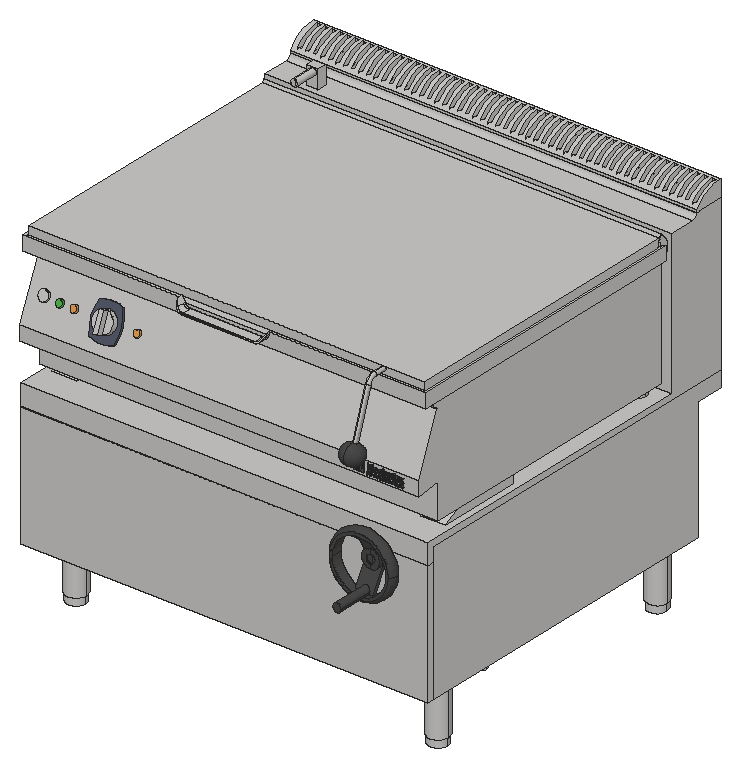
Revit family "QF_ELECTROLUXPROFESSIONAL_391285_E9BRGJDP40", category Specialty Equipment, Revit 2018
Family settings
  Round Connector Dimension = Use Diameter
  Part Type = Normal
  Work Plane-Based = No
  Always vertical = Yes
  Cut with Voids When Loaded = No
  Shared = No
  Room Calculation Point = No
Parameters (values of type "Standard")
  Weight = 180.00 kg
  Watts = 0 W
  Volts = 220 V
  URL Manufacturer = "https://www.electroluxprofessional.com/"
  URL = "https://www.electroluxprofessional.com/"
  Steam Supply Size = 0"
  Steam Supply Minimum Pressure = 0.00 psi
  Steam Supply Maximum Pressure = 0.00 psi
  Steam Pounds per Hour = 0
  Show Logo [instance] = yes
  Show Clearance [instance] = yes
  Refrigeration Suction Line Size = 0 mm
  Refrigeration Liquid Line Size = 0 mm
  Refrigerant Compressor Remote = yes
  Phase = 1
  Model = "E9BRGJDP40"
  Manufacturer = "Electrolux Professional"
  Length Actual = 1000 mm  # constant formula
  Item Number = "391285"
  Hot Water Size = 0"
  Height Actual = 850 mm  # constant formula
  HP = "0.1 HP"
  Gas Size = 1/2"
  Gas KW = 27
  Gas Input Pressure = 0.805176 Btu/h
  Direct Waste Size = 0"
  Description = "100LT GAS BRATT PAN DUOMAT BOTTOM-60HZ"
  Depth Actual = 930 mm  # constant formula
  Cycle = 60 Hz
  Condensate Return Size = 0"
  Compressed Air Volume = 0 GPM
  Compressed Air Size = 0"
  Compressed Air Pressure = 0.00 psi
  Cold Water Size = 3/4"
  Assembly Code = ""
  Accessory = yes
Reference planes
  plane 1 "BACK": y = 0
  plane 2: z = 0
  plane 3 "LEFT": x = 0
  plane 4 "RIGHT": x = 1000
  plane 5 "FRONT": y = -915
  plane 6 "TOP": z = 908
  plane 7 "Center Y": x = 500
  plane 8 "Center X": y = -457.5
  plane 9 "Base": z = 149
  plane 10: z = 502.193
  plane 11: z = 1653
  plane 12: y = -125
  plane 13: y = -799
  plane 14: y = -1034
  plane 15: x = 55
  plane 16: y = -160.853
  plane 17: x = 945
  plane 18: y = -1014
  plane 19: y = -899.182
  plane 20: x = 986
  plane 21: z = 850
  plane 22 "Connection": z = 182
  plane 23: y = -706
  plane 24: x = 265
  plane 25: x = 105
  plane 26: x = 195
  plane 27 "FUME": z = 866.248
Forms (mm)
  Revolve 1, solid, material "QF_Finishes_Stainless Steel"
    sketch origin (0, -125, 0) x (1, 0, 0) y (0, 0, 1)
      loop
        line (55, 0) -> (55, 149) -> (29.6, 149) -> (29.6, 19.05) -> (32.1, 19.05) -> (32.1, 0) -> (55, 0)
      axis (55, 0) -> (55, 149)
    angle from 0 to 360
  Revolve 2, solid, material "QF_Finishes_Stainless Steel"
    sketch origin (0, -799, 0) x (1, 0, 0) y (0, 0, 1)
      loop
        line (55, 0) -> (55, 149) -> (29.6, 149) -> (29.6, 19.05) -> (32.1, 19.05) -> (32.1, 0) -> (55, 0)
      axis (55, 0) -> (55, 149)
    angle from 0 to 360
  Extrusion 3, solid, material "QF_Finishes_Stainless Steel"
    sketch origin (0, -214.682, 0) x (0, 1, 0) y (0, 0, 1)
      loop
        line (214.682, 487.193) -> (214.682, 866.248) -> (143.055, 866.248)
        arc (143.055, 866.248) -> (139.432, 857.502) -> (130.686, 853.88) r 12.368
        line (130.686, 853.88) -> (64.682, 853.88) -> (64.682, 502.193) -> (-684.5, 502.193) -> (-684.5, 452.193) -> (-669.5, 452.193) -> (-669.5, 487.193) -> (214.682, 487.193)
      loop
        line (-669.5, 149) -> (-669.5, 451.193) -> (-684.5, 451.193) -> (-684.5, 149) -> (-669.5, 149)
    from 0 to 1000
  Extrusion 4, solid, material "QF_Finishes_Stainless Steel"
    sketch origin (0, -214.682, 0) x (0, 1, 0) y (0, 0, 1)
      loop
        line (44.029, 528.406) -> (44.029, 817.127) -> (-678.5, 817.127) -> (-678.5, 809.681) -> (-643.264, 774.446) -> (-700.318, 641.094) -> (-700.318, 606.094) -> (-640.765, 613.406) -> (-640.765, 528.406) -> (44.029, 528.406)
    from 10 to 990
  Sweep 5, solid, material "QF_Finishes_Stainless Steel"
    path origin (0, -204.882, 145) x (-1, 0, 0) y (0, -1, 0)
      loop
        line (-389.998, 694.3) -> (-5, 694.3) -> (-5, -44.029) -> (-995, -44.029) -> (-995, 694.3) -> (-610.002, 694.3)
    profile origin (802.501, -899.182, 145) x (0, -1, 0) y (0, 0, 1)
      loop
        line (-5, 651.359) -> (0, 651.359) -> (0, 685.301) -> (-6, 685.301) -> (-6, 681.062) -> (-5, 681.062) -> (-5, 651.359)
  Extrusion 6, solid, material "QF_Finishes_Stainless Steel"
    sketch origin (0, -214.682, -5) x (0, 1, 0) y (0, 0, 1)
      loop
        line (33.715, 835.301) -> (42.572, 855) -> (-677.138, 855) -> (-677.138, 835.301) -> (33.715, 835.301)
      loop
        arc (64.305, 837.022) -> (57.071, 850.749) -> (45.92, 861.539) r 49.182
        line (45.92, 861.539) -> (39.069, 846.301) -> (45.904, 846.301) -> (45.904, 832.604) -> (64.305, 814.204) -> (64.305, 837.022)
    from 12.363 to 987.637
  Extrusion 7, solid, material "QF_Finishes_Stainless Steel"
    sketch origin (0, -214.682, 0) x (0, 1, 0) y (0, 0, 1)
      loop
        line (-403.818, 528.406) -> (-556.057, 528.406) -> (-609.801, 502.193) -> (-403.818, 502.193) -> (-403.818, 528.406)
    from 16.63 to 76.513
  Extrusion 8, solid, material "QF_Finishes_Stainless Steel"
    sketch origin (0, -207.182, 150) x (-1, 0, 0) y (0, -1, 0)
      loop
        circle (-953.429, -17.496) r 15
      loop
        circle (-46.571, -17.496) r 15
    from 352.193 to 378.406
  Extrusion 9, solid, material "QF_Finishes_Stainless Steel"
    sketch origin (0, -64.682, 0) x (0, 1, 0) y (0, 0, 1)
      loop
        line (-43.387, 853.88) -> (-43.387, 898) -> (-67.444, 898) -> (-67.444, 853.88) -> (-43.387, 853.88)
    from 87.469 to 116.843
  Revolve 10, solid, material "QF_Finishes_Stainless Steel"
    sketch origin (103.25, -64.682, -10) x (0, 1, 0) y (0, 0, 1)
      loop
        line (-67.444, 898.097) -> (-67.444, 906.222) -> (-123.629, 906.222) -> (-123.629, 898.097) -> (-67.444, 898.097)
      axis (-123.629, 898.097) -> (-67.444, 898.097)
    angle from 0 to 360
  Extrusion 11, solid, material "QF_Clearances", visible <- "Show Clearance", detail levels coarse
    sketch origin (0, -214.682, 0) x (1, 0, 0) y (0, 1, 0)
      loop
        line (1000, 214.682) -> (1000, -700.318) -> (1050, -700.318) -> (1050, 264.682) -> (-50, 264.682) -> (-50, -700.318) -> (0, -700.318) -> (0, 214.682) -> (1000, 214.682)
    from 0 to 908
  Extrusion 12, solid, material "QF_Finishes_Stainless Steel"
    sketch origin (1000, 0, 0) x (0, 1, 0) y (0, 0, 1)
      loop
        line (-884.182, 149) -> (-69, 149) -> (-69, 448) -> (0, 448) -> (0, 487.193) -> (-884.182, 487.193) -> (-884.182, 149)
    from 0 to -1000
  Revolve 13, solid, material "QF_Finishes_Stainless Steel"
    sketch origin (1000, -125, 0) x (-1, 0, 0) y (0, 0, -1)
      loop
        line (55, 0) -> (32.1, 0) -> (32.1, -19.05) -> (29.6, -19.05) -> (29.6, -149) -> (55, -149) -> (55, 0)
      axis (55, 0) -> (55, -149)
    angle from 0 to 360
  Revolve 14, solid, material "QF_Finishes_Stainless Steel"
    sketch origin (1000, -799, 0) x (-1, 0, 0) y (0, 0, -1)
      loop
        line (55, 0) -> (32.1, 0) -> (32.1, -19.05) -> (29.6, -19.05) -> (29.6, -149) -> (55, -149) -> (55, 0)
      axis (55, 0) -> (55, -149)
    angle from 0 to 360
  Extrusion 15, solid, material "QF_Finishes_Stainless Steel"
    sketch origin (1000, -69, 149) x (-1, 0, 0) y (0, 1, 0)
      loop
        circle (14, -649.182) r 12.7
    from 0 to 5
  Extrusion 16, solid, material "QF_Finishes_Stainless Steel"
    sketch origin (-3.75, -899.182, 149) x (0, 0, 1) y (-1, 0, 0)
      loop
        circle (289.443, -888.75) r 30
    from 0 to 5
  Extrusion 17, solid, material "QF_Finishes_Stainless Steel"
    sketch origin (0, 0, 182) x (-1, 0, 0) y (0, -1, 0)
      loop
        circle (-105, 706) r 6.35
    from 0 to 45
  Extrusion 18, solid, material "QF_Finishes_Stainless Steel"
    sketch origin (21.213, 21.213, 182) x (-1, 0, 0) y (0, -1, 0)
      loop
        circle (-173.787, 719.213) r 6.35
    from 0 to 45
  Extrusion 19, solid, material "QF_Finishes_Stainless Steel"
    sketch origin (130, 0, 182) x (-1, 0, 0) y (0, -1, 0)
      loop
        circle (-135, 706) r 6.35
    from 0 to 45
  Sweep 20, solid, material "QF_Finishes_Black"
    path origin (10, -200.682, -28.57) x (1, 0, 0) y (0, 0, 1)
      loop
        circle (875, 467.193) r 80
    profile origin (885, -200.682, 518.623) x (0, 0, -1) y (0, -1, 0)
      loop
        arc (7.394, 765.784) -> (0.586, 756.102) -> (1.641, 744.313) r 17.21
        line (1.641, 744.313) -> (7.394, 740.784) -> (14.116, 740.784) -> (14.116, 765.784) -> (7.394, 765.784)
  Extrusion 21, solid, material "QF_Finishes_Black"
    sketch origin (10, -200.682, -28.57) x (1, 0, 0) y (0, 0, 1)
      loop
        circle (875, 406.31) r 10
    from 742.86 to 833.318
  Extrusion 22, solid, material "QF_Finishes_Orange"
    sketch origin (9.372, -901.482, 672.689) x (0, 0.393353, 0.919387) y (-1, 0, 0)
      loop
        circle (34.513, -113.251) r 8
    from 0 to 3.175
  Extrusion 23, solid, material "QF_Finishes_Green"
    sketch origin (14.068, -901.51, 672.624) x (0, 0.393353, 0.919387) y (-1, 0, 0)
      loop
        circle (34.513, -73.251) r 8
    from 0 to 3.175
  Extrusion 24, solid, material "QF_Finishes_Stainless Steel"
    sketch origin (-159.296, -918.156, 641.79) x (0, 0.393353, 0.919387) y (-1, 0, 0)
      loop
        circle (68.826, -362.213) r 25.4
    from 0 to 12.7
  Extrusion 25, solid, material "QF_Finishes_Stainless Steel"
    sketch origin (-159.296, -929.832, 646.786) x (0, 0.393353, 0.919387) y (-1, 0, 0)
      loop
        arc (93.558, -367.999) -> (94.226, -362.213) -> (93.558, -356.427) r 25.4
        line (93.558, -356.427) -> (44.094, -356.427)
        arc (44.094, -356.427) -> (43.426, -362.213) -> (44.094, -367.999) r 25.4
        line (44.094, -367.999) -> (93.558, -367.999)
    from 0 to 12.7
  Extrusion 26, solid, material "QF_Finishes_Stainless Steel"
    sketch origin (-189.063, -915, 641.094) x (0, 0.393353, 0.919387) y (-1, 0, 0)
      loop
        circle (71.473, -236.635) r 12.7
    from 0 to 3.2
  Extrusion 27, solid, material "QF_Finishes_Orange"
    sketch origin (164.372, -901.482, 672.689) x (0, 0.393353, 0.919387) y (-1, 0, 0)
      loop
        circle (34.513, -113.251) r 8
    from 0 to 3.175
  Extrusion 28, solid, material "QF_Finishes_Stainless Steel"
    sketch origin (50, -201.682, -15.905) x (1, 0, 0) y (0, 0, 1)
      loop
        line (361.528, 822.127) -> (538.476, 822.127)
        arc (538.476, 822.127) -> (548.276, 824.753) -> (555.45, 831.927) r 19.6
        line (555.45, 831.927) -> (559.998, 839.805) -> (559.998, 846.205) -> (552.678, 833.527)
        arc (552.678, 833.527) -> (546.676, 827.524) -> (538.476, 825.327) r 16.4
        line (538.476, 825.327) -> (361.528, 825.327)
        arc (361.528, 825.327) -> (353.322, 827.526) -> (347.314, 833.534) r 16.413
        line (347.314, 833.534) -> (339.998, 846.205) -> (339.998, 839.805) -> (344.543, 831.934)
        arc (344.543, 831.934) -> (351.722, 824.755) -> (361.528, 822.127) r 19.613
    from 697.5 to 717.595
  Extrusion 29, void
    sketch origin (950, 188.397, 1219.2) x (0, -1, 0) y (0, 0, 1)
      loop
        line (1110.167, -415.736) -> (1110.167, -387.945) -> (1093.05, -387.945) -> (1110.167, -415.736)
    from 290.004 to 610
  Extrusion 30, solid, material "QF_Finishes_Stainless Steel"
    sketch origin (1000, -214.682, 0) x (0, 1, 0) y (0, 0, -1)
      loop
        line (-403.818, -528.406) -> (-403.818, -502.193) -> (-609.801, -502.193) -> (-556.057, -528.406) -> (-403.818, -528.406)
    from 16.63 to 76.513
  Sweep 31, solid, material "QF_Finishes_Stainless Steel"
    path origin (208.879, -214.682, -10) x (0, 1, 0) y (0, 0, 1)
      loop
        line (-677.138, 852.831) -> (-705.492, 852.831)
        arc (-705.492, 852.831) -> (-716.963, 849.214) -> (-724.286, 839.672) r 20
        line (-724.286, 839.672) -> (-765.322, 726.924)
    profile origin (208.879, -905.997, 842.831) x (0, 0, -1) y (1, 0, 0)
      loop
        circle (0, 676.16) r 5
  Revolve 32, solid, material "QF_Finishes_Black"
    sketch origin (883.789, -200.682, -28.57) x (0, 1, 0) y (0, 0, 1)
      loop
        line (-698.5, 467.193) -> (-698.5, 477.193) -> (-713.5, 477.193) -> (-713.5, 482.193) -> (-718.5, 482.193) -> (-718.5, 489.514) -> (-728.5, 489.514) -> (-728.5, 478.353) -> (-727.138, 478.353) -> (-727.138, 467.193) -> (-698.5, 467.193)
      axis (-698.5, 467.193) -> (-728.5, 467.193)
    angle from 0 to 360
  Extrusion 33, solid, material "QF_Finishes_Black"
    sketch origin (208.789, -200.682, -28.57) x (0, 1, 0) y (0, 0, 1)
      loop
        line (-713.5, 457.193) -> (-713.5, 477.193) -> (-744.313, 533.065) -> (-751.622, 533.065) -> (-719.104, 474.103) -> (-719.104, 460.284) -> (-751.622, 401.321) -> (-744.313, 401.321) -> (-713.5, 457.193)
    from 654.029 to 698.392
  Revolve 34, solid, material "QF_Finishes_Black"
    sketch origin (884.991, -194.682, 0) x (0, 1, 0) y (0, 0, 1)
      loop
        line (-785.322, 716.924) -> (-792.738, 719.623)
        arc (-792.738, 719.623) -> (-818.978, 701.075) -> (-800.713, 674.638) r 22.845
        line (-800.713, 674.638) -> (-785.322, 716.924)
      axis (-785.322, 716.924) -> (-800.713, 674.638)
    angle from 0 to 360
  Extrusion 35, solid, material "QF_Clearances", visible <- "Show Clearance", detail levels coarse
    sketch origin (200, -996.643, 709.193) x (0, 0.238373, -0.971174) y (0, 0.971174, 0.238373)
      loop
        line (33.715, 835.301) -> (42.572, 855) -> (-677.138, 855) -> (-677.138, 835.301) -> (33.715, 835.301)
      loop
        arc (64.305, 837.022) -> (57.071, 850.749) -> (45.92, 861.539) r 49.182
        line (45.92, 861.539) -> (39.069, 846.301) -> (45.904, 846.301) -> (45.904, 832.604) -> (64.305, 814.204) -> (64.305, 837.022)
    from -187.637 to 787.637
  Sweep 36, solid, material "QF_Clearances", visible <- "Show Clearance", detail levels coarse
    path origin (208.84, -1001.499, 708.002) x (0, 0.238373, -0.971174) y (0, 0.971174, 0.238373)
      loop
        line (-677.138, 852.831) -> (-705.492, 852.831)
        arc (-705.492, 852.831) -> (-716.963, 849.214) -> (-724.286, 839.672) r 20
        line (-724.286, 839.672) -> (-765.322, 726.924)
    profile origin (208.84, -338.043, 1582.68) x (0, -0.971174, -0.238373) y (1, 0, 0)
      loop
        circle (0, 676.16) r 5
  Revolve 37, solid, material "QF_Clearances", visible <- "Show Clearance", detail levels coarse
    sketch origin (885, -987.02, 690.962) x (0, 0.238373, -0.971174) y (0, 0.971174, 0.238373)
      loop
        line (-785.322, 716.924) -> (-792.738, 719.623)
        arc (-792.738, 719.623) -> (-818.978, 701.075) -> (-800.713, 674.638) r 22.845
        line (-800.713, 674.638) -> (-785.322, 716.924)
      axis (-785.322, 716.924) -> (-800.713, 674.638)
    angle from 0 to 360
  Extrusion 38, solid, material "QF_Finishes_Navy Blue"
    sketch origin (-55.546, -1052.067, 320.727) x (0, 0.393353, 0.919387) y (-1, 0, 0)
      loop
        arc (453.989, -230.321) -> (416.907, -221.34) -> (379.375, -228.202) r 91.844
        arc (379.375, -228.202) -> (372.249, -258.844) -> (379.375, -289.487) r 69.441
        arc (379.375, -289.487) -> (416.897, -296.198) -> (453.989, -287.419) r 93.759
        arc (453.989, -287.419) -> (460.218, -258.87) -> (453.989, -230.321) r 68.543
    from 0 to 3.175
  Extrusion 39, solid, material "QF_Finishes_Navy Blue", visible <- "Show Logo"
    sketch origin (681.175, -915, 608.853) x (0, 0, 1) y (-1, 0, 0)
      loop
        line (26.951, -165.54) -> (5.387, -165.54)
        arc (5.387, -165.54) -> (16.169, -173.512) -> (26.951, -165.54) r 11.278
      loop
        arc (26.951, -164.444) -> (24.913, -155.475) -> (16.794, -151.154) r 11.052
        line (16.794, -151.154) -> (16.794, -154.722)
        arc (16.794, -154.722) -> (19.381, -161.095) -> (25.39, -164.444) r 10.359
        line (25.39, -164.444) -> (26.951, -164.444)
      loop
        arc (6.948, -164.444) -> (12.957, -161.095) -> (15.544, -154.722) r 10.359
        line (15.544, -154.722) -> (15.544, -151.154)
        arc (15.544, -151.154) -> (7.358, -155.468) -> (5.11, -164.444) r 11.341
        line (5.11, -164.444) -> (6.948, -164.444)
      loop
        line (28.128, -150.336) -> (4.161, -150.336) -> (4.161, -174.336) -> (28.128, -174.336) -> (28.128, -150.336)
      loop
        spline (16.361, -188.464) -> (16.369, -188.263) -> (16.397, -188.049) -> (16.447, -187.828) -> (16.523, -187.605) -> (16.628, -187.386) -> (16.766, -187.177) -> (16.939, -186.985) -> (17.152, -186.814) -> (17.407, -186.671) -> (17.709, -186.562) -> (18.059, -186.492) -> (18.462, -186.467)
        line (18.462, -186.467) -> (20.251, -186.467) -> (20.251, -192.37) -> (22.531, -192.37) -> (22.531, -186.466) -> (25.85, -186.466) -> (25.85, -192.746) -> (28.124, -192.746) -> (28.124, -184.05) -> (18.566, -184.05)
        spline (18.566, -184.05) -> (17.978, -184.071) -> (17.424, -184.137) -> (16.905, -184.248) -> (16.424, -184.406) -> (15.983, -184.612) -> (15.583, -184.866) -> (15.226, -185.171) -> (14.914, -185.528) -> (14.649, -185.937) -> (14.434, -186.401) -> (14.269, -186.919) -> (14.157, -187.495)
        line (14.157, -187.495) -> (14.089, -188.444) -> (14.089, -192.915) -> (16.361, -192.915) -> (16.361, -188.464)
      loop
        line (21.492, -194.632) -> (14.086, -194.632) -> (14.086, -197.049) -> (28.128, -197.049) -> (28.128, -194.632) -> (21.492, -194.632)
      loop
        spline (18.571, -208.979) -> (19.331, -208.995) -> (20.067, -208.922) -> (20.77, -208.763) -> (21.436, -208.522) -> (22.055, -208.2) -> (22.623, -207.802) -> (23.132, -207.331) -> (23.576, -206.789) -> (23.947, -206.18) -> (24.24, -205.507) -> (24.447, -204.772) -> (24.561, -203.98)
        spline (24.561, -203.98) -> (24.517, -203.228) -> (24.388, -202.513) -> (24.178, -201.84) -> (23.889, -201.216) -> (23.524, -200.646) -> (23.088, -200.134) -> (22.582, -199.687) -> (22.011, -199.309) -> (21.378, -199.005) -> (20.686, -198.782) -> (19.937, -198.644) -> (19.137, -198.597)
        spline (19.137, -198.597) -> (18.356, -198.643) -> (17.626, -198.777) -> (16.949, -198.995) -> (16.331, -199.293) -> (15.772, -199.666) -> (15.278, -200.111) -> (14.851, -200.623) -> (14.494, -201.198) -> (14.211, -201.832) -> (14.005, -202.519) -> (13.878, -203.257) -> (13.836, -204.041)
        spline (13.836, -204.041) -> (13.845, -204.424) -> (13.874, -204.802) -> (13.924, -205.175) -> (13.997, -205.545) -> (14.096, -205.909) -> (14.223, -206.27) -> (14.378, -206.625) -> (14.564, -206.976) -> (14.783, -207.322) -> (15.037, -207.664) -> (15.328, -208) -> (15.657, -208.331)
        line (15.657, -208.331) -> (17.073, -206.874)
        spline (17.073, -206.874) -> (16.889, -206.682) -> (16.719, -206.489) -> (16.566, -206.293) -> (16.427, -206.093) -> (16.305, -205.887) -> (16.198, -205.673) -> (16.108, -205.449) -> (16.033, -205.213) -> (15.975, -204.965) -> (15.933, -204.701) -> (15.908, -204.421) -> (15.9, -204.122)
        spline (15.9, -204.122) -> (15.921, -203.685) -> (15.985, -203.275) -> (16.089, -202.893) -> (16.233, -202.542) -> (16.413, -202.224) -> (16.628, -201.939) -> (16.878, -201.691) -> (17.159, -201.479) -> (17.471, -201.308) -> (17.811, -201.177) -> (18.178, -201.089) -> (18.571, -201.046)
        line (18.571, -201.046) -> (18.571, -208.979)
      loop
        spline (20.271, -206.55) -> (20.57, -206.527) -> (20.857, -206.458) -> (21.131, -206.348) -> (21.387, -206.199) -> (21.624, -206.014) -> (21.839, -205.797) -> (22.028, -205.55) -> (22.189, -205.276) -> (22.32, -204.98) -> (22.416, -204.663) -> (22.476, -204.329) -> (22.497, -203.98)
        spline (22.497, -203.98) -> (22.476, -203.607) -> (22.417, -203.248) -> (22.322, -202.905) -> (22.194, -202.584) -> (22.034, -202.285) -> (21.847, -202.013) -> (21.633, -201.77) -> (21.396, -201.56) -> (21.139, -201.385) -> (20.864, -201.25) -> (20.574, -201.156) -> (20.271, -201.107)
        line (20.271, -201.107) -> (20.271, -206.55)
      loop
        spline (19.198, -212.675) -> (19.648, -212.703) -> (20.074, -212.784) -> (20.475, -212.915) -> (20.846, -213.093) -> (21.184, -213.314) -> (21.487, -213.576) -> (21.752, -213.875) -> (21.976, -214.207) -> (22.155, -214.571) -> (22.286, -214.961) -> (22.368, -215.376) -> (22.395, -215.812)
        spline (22.395, -215.812) -> (22.387, -216.079) -> (22.362, -216.336) -> (22.321, -216.581) -> (22.264, -216.816) -> (22.192, -217.042) -> (22.105, -217.259) -> (22.002, -217.467) -> (21.886, -217.668) -> (21.755, -217.861) -> (21.611, -218.047) -> (21.453, -218.228) -> (21.283, -218.402)
        line (21.283, -218.402) -> (22.841, -219.9)
        spline (22.841, -219.9) -> (23.139, -219.602) -> (23.407, -219.295) -> (23.645, -218.979) -> (23.855, -218.656) -> (24.037, -218.324) -> (24.192, -217.985) -> (24.32, -217.639) -> (24.424, -217.286) -> (24.503, -216.926) -> (24.558, -216.56) -> (24.591, -216.189) -> (24.601, -215.812)
        spline (24.601, -215.812) -> (24.555, -215.057) -> (24.418, -214.333) -> (24.195, -213.648) -> (23.893, -213.008) -> (23.516, -212.418) -> (23.068, -211.886) -> (22.556, -211.419) -> (21.984, -211.021) -> (21.357, -210.701) -> (20.681, -210.465) -> (19.959, -210.318) -> (19.198, -210.268)
        spline (19.198, -210.268) -> (18.437, -210.318) -> (17.716, -210.465) -> (17.039, -210.701) -> (16.412, -211.021) -> (15.84, -211.419) -> (15.328, -211.886) -> (14.881, -212.418) -> (14.503, -213.008) -> (14.201, -213.648) -> (13.979, -214.333) -> (13.842, -215.057) -> (13.795, -215.812)
        spline (13.795, -215.812) -> (13.806, -216.189) -> (13.838, -216.56) -> (13.894, -216.926) -> (13.973, -217.286) -> (14.076, -217.639) -> (14.205, -217.985) -> (14.36, -218.324) -> (14.542, -218.656) -> (14.751, -218.979) -> (14.99, -219.295) -> (15.257, -219.602) -> (15.556, -219.9)
        line (15.556, -219.9) -> (17.114, -218.402)
        spline (17.114, -218.402) -> (16.943, -218.228) -> (16.786, -218.047) -> (16.641, -217.861) -> (16.511, -217.668) -> (16.394, -217.467) -> (16.292, -217.259) -> (16.204, -217.042) -> (16.132, -216.816) -> (16.075, -216.581) -> (16.034, -216.336) -> (16.009, -216.079) -> (16.001, -215.812)
        spline (16.001, -215.812) -> (16.029, -215.376) -> (16.11, -214.961) -> (16.242, -214.571) -> (16.421, -214.207) -> (16.644, -213.875) -> (16.909, -213.576) -> (17.212, -213.314) -> (17.551, -213.093) -> (17.922, -212.915) -> (18.322, -212.784) -> (18.748, -212.703) -> (19.198, -212.675)
      loop
        spline (16.358, -226.063) -> (16.354, -225.85) -> (16.37, -225.622) -> (16.41, -225.384) -> (16.477, -225.143) -> (16.575, -224.905) -> (16.708, -224.675) -> (16.88, -224.461) -> (17.095, -224.267) -> (17.357, -224.1) -> (17.669, -223.965) -> (18.036, -223.87) -> (18.462, -223.819)
        line (18.462, -223.819) -> (22.044, -223.819) -> (22.044, -226.018) -> (24.24, -226.018) -> (24.24, -223.822) -> (28.128, -223.822) -> (28.128, -221.405) -> (18.325, -221.405)
        spline (18.325, -221.405) -> (17.756, -221.457) -> (17.221, -221.55) -> (16.722, -221.687) -> (16.26, -221.867) -> (15.838, -222.093) -> (15.456, -222.365) -> (15.118, -222.685) -> (14.824, -223.053) -> (14.577, -223.471) -> (14.378, -223.94) -> (14.229, -224.46) -> (14.132, -225.034)
        line (14.132, -225.034) -> (14.086, -226.054) -> (16.358, -226.063)
      loop
        spline (24.381, -234.197) -> (24.407, -233.778) -> (24.399, -233.376) -> (24.36, -232.99) -> (24.289, -232.622) -> (24.188, -232.273) -> (24.058, -231.943) -> (23.901, -231.635) -> (23.716, -231.349) -> (23.505, -231.087) -> (23.27, -230.849) -> (23.011, -230.636) -> (22.73, -230.45)
        line (22.73, -230.45) -> (24.24, -230.45) -> (24.24, -228.052) -> (14.086, -228.052) -> (14.086, -230.45) -> (19.425, -230.45)
        spline (19.425, -230.45) -> (19.83, -230.472) -> (20.207, -230.537) -> (20.555, -230.643) -> (20.873, -230.788) -> (21.159, -230.972) -> (21.412, -231.192) -> (21.63, -231.448) -> (21.811, -231.736) -> (21.955, -232.056) -> (22.059, -232.406) -> (22.123, -232.784) -> (22.145, -233.189)
        line (22.145, -233.189) -> (22.044, -234.197) -> (24.381, -234.197)
      loop
        spline (19.163, -245.648) -> (19.908, -245.597) -> (20.618, -245.45) -> (21.287, -245.212) -> (21.909, -244.892) -> (22.48, -244.494) -> (22.993, -244.026) -> (23.443, -243.494) -> (23.823, -242.904) -> (24.129, -242.265) -> (24.354, -241.581) -> (24.494, -240.86) -> (24.542, -240.108)
        spline (24.542, -240.108) -> (24.494, -239.351) -> (24.354, -238.627) -> (24.129, -237.941) -> (23.823, -237.301) -> (23.443, -236.712) -> (22.993, -236.181) -> (22.48, -235.714) -> (21.909, -235.318) -> (21.287, -234.999) -> (20.618, -234.763) -> (19.908, -234.617) -> (19.163, -234.567)
        spline (19.163, -234.567) -> (18.418, -234.617) -> (17.708, -234.763) -> (17.039, -234.999) -> (16.417, -235.318) -> (15.846, -235.714) -> (15.333, -236.181) -> (14.883, -236.712) -> (14.502, -237.301) -> (14.197, -237.941) -> (13.971, -238.627) -> (13.831, -239.351) -> (13.784, -240.108)
        spline (13.784, -240.108) -> (13.831, -240.86) -> (13.971, -241.581) -> (14.197, -242.265) -> (14.502, -242.904) -> (14.883, -243.494) -> (15.333, -244.026) -> (15.846, -244.494) -> (16.417, -244.892) -> (17.039, -245.212) -> (17.708, -245.45) -> (18.418, -245.597) -> (19.163, -245.648)
      loop
        spline (19.163, -243.25) -> (19.602, -243.222) -> (20.021, -243.14) -> (20.417, -243.008) -> (20.785, -242.829) -> (21.123, -242.606) -> (21.427, -242.344) -> (21.693, -242.044) -> (21.919, -241.71) -> (22.101, -241.347) -> (22.235, -240.956) -> (22.318, -240.542) -> (22.346, -240.108)
        spline (22.346, -240.108) -> (22.318, -239.669) -> (22.235, -239.252) -> (22.101, -238.86) -> (21.919, -238.496) -> (21.693, -238.163) -> (21.427, -237.864) -> (21.123, -237.602) -> (20.785, -237.381) -> (20.417, -237.204) -> (20.021, -237.073) -> (19.602, -236.993) -> (19.163, -236.965)
        spline (19.163, -236.965) -> (18.723, -236.993) -> (18.304, -237.073) -> (17.909, -237.204) -> (17.541, -237.381) -> (17.203, -237.602) -> (16.899, -237.864) -> (16.632, -238.163) -> (16.406, -238.496) -> (16.225, -238.86) -> (16.091, -239.252) -> (16.008, -239.669) -> (15.979, -240.108)
        spline (15.979, -240.108) -> (16.008, -240.542) -> (16.091, -240.956) -> (16.225, -241.347) -> (16.406, -241.71) -> (16.632, -242.044) -> (16.899, -242.344) -> (17.203, -242.606) -> (17.541, -242.829) -> (17.909, -243.008) -> (18.304, -243.14) -> (18.723, -243.222) -> (19.163, -243.25)
      loop
        line (21.735, -247.134) -> (14.086, -247.134) -> (14.086, -249.553) -> (28.128, -249.553) -> (28.128, -247.134) -> (21.735, -247.134)
      loop
        line (24.24, -258.272) -> (18.337, -258.272)
        spline (18.337, -258.272) -> (17.953, -258.252) -> (17.607, -258.196) -> (17.298, -258.104) -> (17.025, -257.979) -> (16.788, -257.824) -> (16.584, -257.639) -> (16.415, -257.429) -> (16.277, -257.194) -> (16.172, -256.937) -> (16.098, -256.66) -> (16.054, -256.365) -> (16.04, -256.055)
        spline (16.04, -256.055) -> (16.054, -255.745) -> (16.098, -255.45) -> (16.172, -255.173) -> (16.277, -254.916) -> (16.413, -254.682) -> (16.582, -254.471) -> (16.784, -254.287) -> (17.019, -254.132) -> (17.29, -254.007) -> (17.595, -253.915) -> (17.937, -253.859) -> (18.316, -253.839)
        line (18.316, -253.839) -> (24.24, -253.839) -> (24.24, -251.401) -> (18.115, -251.401)
        spline (18.115, -251.401) -> (17.421, -251.445) -> (16.79, -251.57) -> (16.22, -251.771) -> (15.713, -252.043) -> (15.267, -252.379) -> (14.881, -252.774) -> (14.556, -253.221) -> (14.292, -253.715) -> (14.086, -254.249) -> (13.94, -254.818) -> (13.853, -255.415) -> (13.824, -256.035)
        spline (13.824, -256.035) -> (13.853, -256.661) -> (13.942, -257.263) -> (14.09, -257.836) -> (14.298, -258.375) -> (14.567, -258.873) -> (14.896, -259.324) -> (15.287, -259.722) -> (15.74, -260.061) -> (16.254, -260.335) -> (16.832, -260.538) -> (17.472, -260.665) -> (18.176, -260.708)
        line (18.176, -260.708) -> (24.24, -260.708) -> (24.24, -258.272)
      loop
        line (17.333, -269.856) -> (19.465, -268.331) -> (22.037, -270.219) -> (24.239, -271.836) -> (24.239, -269.197) -> (21.197, -267) -> (24.239, -264.785) -> (24.239, -262.166) -> (22.185, -263.668) -> (19.445, -265.671) -> (16.52, -263.571) -> (14.086, -261.823) -> (14.086, -264.422) -> (17.672, -267) -> (14.086, -269.579) -> (14.086, -272.178) -> (17.333, -269.856)
      loop
        line (9.015, -185.409) -> (9.015, -183.539) -> (4.161, -183.539) -> (4.161, -184.537) -> (5.806, -184.537) -> (5.806, -185.409)
        arc (5.806, -185.409) -> (7.41, -187.014) -> (9.015, -185.409) r 1.605
      loop
        arc (6.731, -185.476) -> (7.41, -186.056) -> (8.089, -185.476) r 0.687
        line (8.089, -185.476) -> (8.089, -184.537) -> (6.731, -184.537) -> (6.731, -185.476)
      loop
        line (9.015, -193.025) -> (9.015, -191.122) -> (4.161, -191.122) -> (4.161, -192.12) -> (5.833, -192.12) -> (5.833, -192.986) -> (4.161, -193.838) -> (4.161, -194.971) -> (6.078, -193.806)
        arc (6.078, -193.806) -> (6.645, -194.415) -> (7.45, -194.627) r 1.499
        arc (7.45, -194.627) -> (8.559, -194.145) -> (9.015, -193.025) r 1.602
      loop
        line (8.097, -193.005) -> (8.097, -192.12) -> (6.743, -192.12) -> (6.743, -193.005)
        arc (6.743, -193.005) -> (7.42, -193.556) -> (8.097, -193.005) r 0.691
      loop
        circle (6.588, -201.168) r 2.521
      loop
        circle (6.588, -201.168) r 1.6
      loop
        line (9.015, -207.864) -> (4.161, -207.864) -> (4.161, -208.862) -> (6.156, -208.862) -> (6.156, -210.689) -> (7.073, -210.689) -> (7.073, -208.862) -> (8.098, -208.862) -> (8.098, -210.864) -> (9.015, -210.864) -> (9.015, -207.864)
      loop
        line (9.015, -214.982) -> (5.735, -214.982)
        arc (5.735, -214.982) -> (4.623, -215.429) -> (4.161, -216.535) r 1.554
        line (4.161, -216.535) -> (4.161, -218.103) -> (5.078, -218.103) -> (5.078, -216.944)
        arc (5.078, -216.944) -> (5.427, -216.196) -> (6.223, -215.98) r 0.979
        line (6.223, -215.98) -> (6.223, -217.921) -> (7.141, -217.921) -> (7.141, -215.98) -> (8.098, -215.98) -> (8.098, -218.056) -> (9.015, -218.056) -> (9.015, -214.982)
      loop
        line (7.742, -224.632) -> (8.234, -225.349)
        arc (8.234, -225.349) -> (8.882, -224.684) -> (9.095, -223.78) r 1.738
        arc (9.095, -223.78) -> (8.894, -222.994) -> (8.386, -222.36) r 1.926
        arc (8.386, -222.36) -> (7.749, -222.275) -> (7.12, -222.404) r 1.936
        arc (7.12, -222.404) -> (6.653, -222.836) -> (6.356, -223.4) r 1.881
        arc (6.356, -223.4) -> (6.185, -223.835) -> (5.972, -224.252) r 4.917
        arc (5.972, -224.252) -> (5.357, -224.498) -> (4.996, -223.943) r 0.523
        arc (4.996, -223.943) -> (5.232, -223.24) -> (5.739, -222.7) r 1.738
        line (5.739, -222.7) -> (5.26, -221.938)
        arc (5.26, -221.938) -> (4.761, -222.24) -> (4.38, -222.681) r 1.867
        arc (4.38, -222.681) -> (4.141, -223.241) -> (4.08, -223.846) r 2.013
        arc (4.08, -223.846) -> (4.229, -224.594) -> (4.587, -225.268) r 2.629
        arc (4.587, -225.268) -> (5.379, -225.566) -> (6.211, -225.413) r 1.579
        arc (6.211, -225.413) -> (6.594, -225.08) -> (6.872, -224.656) r 1.83
        arc (6.872, -224.656) -> (7.111, -224.119) -> (7.318, -223.568) r 9.64
        arc (7.318, -223.568) -> (7.812, -223.25) -> (8.179, -223.71) r 0.439
        arc (8.179, -223.71) -> (8.066, -224.221) -> (7.742, -224.632) r 1.168
      loop
        line (9.015, -237.028) -> (4.161, -237.028) -> (4.161, -238.027) -> (9.015, -238.027) -> (9.015, -237.028)
      loop
        circle (6.588, -244.756) r 1.51
      loop
        circle (6.588, -244.756) r 2.521
      loop
        line (4.161, -251.452) -> (4.161, -252.461) -> (7.213, -252.461) -> (4.161, -254.682) -> (4.161, -255.652) -> (9.015, -255.652) -> (9.015, -254.644) -> (5.87, -254.644) -> (9.015, -252.423) -> (9.015, -251.452) -> (4.161, -251.452)
      loop
        line (4.161, -260.684) -> (5.208, -261.157) -> (5.208, -262.953) -> (4.161, -263.425) -> (4.161, -264.498) -> (9.015, -262.025) -> (4.161, -259.613) -> (4.161, -260.684)
      loop
        line (7.2, -262.055) -> (6.204, -261.605) -> (6.204, -262.505) -> (7.2, -262.055)
      loop
        line (5.078, -269.456) -> (9.015, -269.456) -> (9.015, -268.457) -> (4.161, -268.457) -> (4.161, -271.322) -> (5.078, -271.322) -> (5.078, -269.456)
      loop
        line (7.742, -231.965) -> (8.234, -232.682)
        arc (8.234, -232.682) -> (8.882, -232.017) -> (9.095, -231.114) r 1.738
        arc (9.095, -231.114) -> (8.894, -230.327) -> (8.386, -229.693) r 1.926
        arc (8.386, -229.693) -> (7.749, -229.609) -> (7.12, -229.737) r 1.936
        arc (7.12, -229.737) -> (6.653, -230.169) -> (6.356, -230.733) r 1.881
        arc (6.356, -230.733) -> (6.185, -231.168) -> (5.972, -231.586) r 4.917
        arc (5.972, -231.586) -> (5.357, -231.831) -> (4.996, -231.276) r 0.523
        arc (4.996, -231.276) -> (5.232, -230.573) -> (5.739, -230.033) r 1.738
        line (5.739, -230.033) -> (5.26, -229.271)
        arc (5.26, -229.271) -> (4.761, -229.573) -> (4.38, -230.015) r 1.867
        arc (4.38, -230.015) -> (4.141, -230.574) -> (4.08, -231.179) r 2.013
        arc (4.08, -231.179) -> (4.229, -231.928) -> (4.587, -232.602) r 2.629
        arc (4.587, -232.602) -> (5.379, -232.899) -> (6.211, -232.746) r 1.579
        arc (6.211, -232.746) -> (6.594, -232.414) -> (6.872, -231.989) r 1.83
        arc (6.872, -231.989) -> (7.111, -231.452) -> (7.318, -230.901) r 9.64
        arc (7.318, -230.901) -> (7.812, -230.583) -> (8.179, -231.043) r 0.439
        arc (8.179, -231.043) -> (8.066, -231.554) -> (7.742, -231.965) r 1.168
    from 0 to 1.644
  Extrusion 40, solid, material "QF_Finishes_Stainless Steel"
    sketch origin (390.002, -899.182, 830.301) x (-1, 0, 0) y (0, 0, -1)
      loop
        line (0.004, 33.941) -> (-220, 33.941) -> (-220, -0.006) -> (-212.677, 12.678)
        arc (-212.677, 12.678) -> (-206.674, 18.681) -> (-198.474, 20.878) r 16.4
        line (-198.474, 20.878) -> (-21.526, 20.878)
        arc (-21.526, 20.878) -> (-13.32, 18.679) -> (-7.312, 12.672) r 16.413
        line (-7.312, 12.672) -> (0.004, 0) -> (0.004, 33.941)
    from 0 to -6
  Extrusion 41, void
    sketch origin (26.231, 0, 866.248) x (-1, 0, 0) y (0, -1, 0)
      loop
        line (-295.005, 6.761) -> (-285.709, 6.761) -> (-285.709, 63.911) -> (-295.005, 63.911) -> (-295.005, 6.761)
      loop
        line (-313.697, 6.761) -> (-304.401, 6.761) -> (-304.401, 63.911) -> (-313.697, 63.911) -> (-313.697, 6.761)
      loop
        line (-332.39, 6.761) -> (-323.094, 6.761) -> (-323.094, 63.911) -> (-332.39, 63.911) -> (-332.39, 6.761)
      loop
        line (-351.082, 6.761) -> (-341.787, 6.761) -> (-341.787, 63.911) -> (-351.082, 63.911) -> (-351.082, 6.761)
      loop
        line (-369.775, 6.761) -> (-360.479, 6.761) -> (-360.479, 63.911) -> (-369.775, 63.911) -> (-369.775, 6.761)
      loop
        line (-388.468, 6.761) -> (-379.172, 6.761) -> (-379.172, 63.911) -> (-388.468, 63.911) -> (-388.468, 6.761)
      loop
        line (-407.16, 6.761) -> (-397.864, 6.761) -> (-397.864, 63.911) -> (-407.16, 63.911) -> (-407.16, 6.761)
      loop
        line (-425.853, 6.761) -> (-416.557, 6.761) -> (-416.557, 63.911) -> (-425.853, 63.911) -> (-425.853, 6.761)
      loop
        line (-444.545, 6.761) -> (-435.25, 6.761) -> (-435.25, 63.911) -> (-444.545, 63.911) -> (-444.545, 6.761)
      loop
        line (-463.238, 6.761) -> (-453.942, 6.761) -> (-453.942, 63.911) -> (-463.238, 63.911) -> (-463.238, 6.761)
      loop
        line (-481.931, 6.761) -> (-472.635, 6.761) -> (-472.635, 63.911) -> (-481.931, 63.911) -> (-481.931, 6.761)
      loop
        line (-500.623, 6.761) -> (-491.328, 6.761) -> (-491.328, 63.911) -> (-500.623, 63.911) -> (-500.623, 6.761)
      loop
        line (-519.316, 6.761) -> (-510.02, 6.761) -> (-510.02, 63.911) -> (-519.316, 63.911) -> (-519.316, 6.761)
      loop
        line (-538.008, 6.761) -> (-528.713, 6.761) -> (-528.713, 63.911) -> (-538.008, 63.911) -> (-538.008, 6.761)
      loop
        line (-556.701, 6.761) -> (-547.405, 6.761) -> (-547.405, 63.911) -> (-556.701, 63.911) -> (-556.701, 6.761)
      loop
        line (-575.394, 6.761) -> (-566.098, 6.761) -> (-566.098, 63.911) -> (-575.394, 63.911) -> (-575.394, 6.761)
      loop
        line (-594.086, 6.761) -> (-584.791, 6.761) -> (-584.791, 63.911) -> (-594.086, 63.911) -> (-594.086, 6.761)
      loop
        line (-612.779, 6.761) -> (-603.483, 6.761) -> (-603.483, 63.911) -> (-612.779, 63.911) -> (-612.779, 6.761)
      loop
        line (-631.472, 6.761) -> (-622.176, 6.761) -> (-622.176, 63.911) -> (-631.472, 63.911) -> (-631.472, 6.761)
      loop
        line (-650.164, 6.761) -> (-640.868, 6.761) -> (-640.868, 63.911) -> (-650.164, 63.911) -> (-650.164, 6.761)
      loop
        line (-126.771, 6.761) -> (-117.475, 6.761) -> (-117.475, 63.911) -> (-126.771, 63.911) -> (-126.771, 6.761)
      loop
        line (-145.464, 6.761) -> (-136.168, 6.761) -> (-136.168, 63.911) -> (-145.464, 63.911) -> (-145.464, 6.761)
      loop
        line (-164.156, 6.761) -> (-154.861, 6.761) -> (-154.861, 63.911) -> (-164.156, 63.911) -> (-164.156, 6.761)
      loop
        line (-182.849, 6.761) -> (-173.553, 6.761) -> (-173.553, 63.911) -> (-182.849, 63.911) -> (-182.849, 6.761)
      loop
        line (-201.542, 6.761) -> (-192.246, 6.761) -> (-192.246, 63.911) -> (-201.542, 63.911) -> (-201.542, 6.761)
      loop
        line (-220.234, 6.761) -> (-210.938, 6.761) -> (-210.938, 63.911) -> (-220.234, 63.911) -> (-220.234, 6.761)
      loop
        line (-238.927, 6.761) -> (-229.631, 6.761) -> (-229.631, 63.911) -> (-238.927, 63.911) -> (-238.927, 6.761)
      loop
        line (-257.619, 6.761) -> (-248.324, 6.761) -> (-248.324, 63.911) -> (-257.619, 63.911) -> (-257.619, 6.761)
      loop
        line (-276.312, 6.761) -> (-267.016, 6.761) -> (-267.016, 63.911) -> (-276.312, 63.911) -> (-276.312, 6.761)
      loop
        line (-108.078, 6.761) -> (-98.783, 6.761) -> (-98.783, 63.911) -> (-108.078, 63.911) -> (-108.078, 6.761)
      loop
        line (4.077, 6.761) -> (13.373, 6.761) -> (13.373, 63.911) -> (4.077, 63.911) -> (4.077, 6.761)
      loop
        line (-14.615, 6.761) -> (-5.32, 6.761) -> (-5.32, 63.911) -> (-14.615, 63.911) -> (-14.615, 6.761)
      loop
        line (-33.308, 6.761) -> (-24.012, 6.761) -> (-24.012, 63.911) -> (-33.308, 63.911) -> (-33.308, 6.761)
      loop
        line (-52.001, 6.761) -> (-42.705, 6.761) -> (-42.705, 63.911) -> (-52.001, 63.911) -> (-52.001, 6.761)
      loop
        line (-70.693, 6.761) -> (-61.398, 6.761) -> (-61.398, 63.911) -> (-70.693, 63.911) -> (-70.693, 6.761)
      loop
        line (-89.386, 6.761) -> (-80.09, 6.761) -> (-80.09, 63.911) -> (-89.386, 63.911) -> (-89.386, 6.761)
      loop
        line (-668.857, 6.761) -> (-659.561, 6.761) -> (-659.561, 63.911) -> (-668.857, 63.911) -> (-668.857, 6.761)
      loop
        line (-687.549, 6.761) -> (-678.254, 6.761) -> (-678.254, 63.911) -> (-687.549, 63.911) -> (-687.549, 6.761)
      loop
        line (-706.242, 6.761) -> (-696.946, 6.761) -> (-696.946, 63.911) -> (-706.242, 63.911) -> (-706.242, 6.761)
      loop
        line (-724.935, 6.761) -> (-715.639, 6.761) -> (-715.639, 63.911) -> (-724.935, 63.911) -> (-724.935, 6.761)
      loop
        line (-743.627, 6.761) -> (-734.331, 6.761) -> (-734.331, 63.911) -> (-743.627, 63.911) -> (-743.627, 6.761)
      loop
        line (-751.616, 6.761) -> (-751.616, 63.911) -> (-760.912, 63.911) -> (-760.912, 6.761) -> (-751.616, 6.761)
      loop
        line (-779.604, 6.761) -> (-770.309, 6.761) -> (-770.309, 63.911) -> (-779.604, 63.911) -> (-779.604, 6.761)
      loop
        line (-798.297, 6.761) -> (-789.001, 6.761) -> (-789.001, 63.911) -> (-798.297, 63.911) -> (-798.297, 6.761)
      loop
        line (-816.99, 6.761) -> (-807.694, 6.761) -> (-807.694, 63.911) -> (-816.99, 63.911) -> (-816.99, 6.761)
      loop
        line (-835.682, 6.761) -> (-826.387, 6.761) -> (-826.387, 63.911) -> (-835.682, 63.911) -> (-835.682, 6.761)
      loop
        line (-854.375, 6.761) -> (-845.079, 6.761) -> (-845.079, 63.911) -> (-854.375, 63.911) -> (-854.375, 6.761)
      loop
        line (-873.068, 6.761) -> (-863.772, 6.761) -> (-863.772, 63.911) -> (-873.068, 63.911) -> (-873.068, 6.761)
      loop
        line (-891.76, 6.761) -> (-882.464, 6.761) -> (-882.464, 63.911) -> (-891.76, 63.911) -> (-891.76, 6.761)
      loop
        line (-910.453, 6.761) -> (-901.157, 6.761) -> (-901.157, 63.911) -> (-910.453, 63.911) -> (-910.453, 6.761)
      loop
        line (-929.145, 6.761) -> (-919.85, 6.761) -> (-919.85, 63.911) -> (-929.145, 63.911) -> (-929.145, 6.761)
      loop
        line (-947.838, 6.761) -> (-938.542, 6.761) -> (-938.542, 63.911) -> (-947.838, 63.911) -> (-947.838, 6.761)
      loop
        line (-966.531, 6.761) -> (-957.235, 6.761) -> (-957.235, 63.911) -> (-966.531, 63.911) -> (-966.531, 6.761)
    from 9.525 to 45.348
  Extrusion 42, solid, material "QF_Finishes_Stainless Steel"
    sketch origin (-108.759, 0, 591.61) x (0, 1, 0) y (0, 0, 1)
      loop
        line (0, 274.638) -> (0, 316.35)
        arc (0, 316.35) -> (-40.437, 307.046) -> (-71.628, 279.681) r 84.854
        line (-71.628, 279.681) -> (-71.628, 274.638) -> (0, 274.638)
    from 108.759 to 1108.759
Cuts and joins
  Extrusion 29 cuts Extrusion 28
  joined: Sweep 5, Extrusion 28, Extrusion 40
  Extrusion 41 cuts Extrusion 42
Lines and regions (mm)
  symbolic lines
    curve 1: line (10, -915, 149) -> (197.131, -915, 149)
    curve 2: line (0, -899.182, 149) -> (380.622, -899.182, 149)
    curve 3: line (5, -160.853, 149) -> (5, -899.182, 149)
    curve 4: line (0, 0, 149) -> (0, -899.182, 149)
    curve 5: line (1000, -899.182, 149) -> (1000, 0, 149)
    curve 6: line (5, -160.853, 149) -> (95.125, -160.853, 149)
    curve 7: line (989, -171.653, 149) -> (111.375, -171.653, 149)
    curve 8: line (0, -71.628, 149) -> (1000, -71.628, 149)
    curve 9: line (111.375, -160.853, 149) -> (995, -160.853, 149)
    curve 10: line (95.125, -172.111, 149) -> (12.363, -172.111, 149)
    curve 11: line (90.942, -172.111, 149) -> (90.942, -192.672, 149)
    curve 12: line (117.192, -171.653, 149) -> (117.192, -192.672, 149)
    curve 13: arc (90.942, -192.672, 149) -> (104.067, -205.797, 149) -> (117.192, -192.672, 149) r 13.125
    curve 14: line (604.543, -915, 149) -> (880, -915, 149)
    curve 15: line (12.363, -891.82, 149) -> (987.637, -891.82, 149)
    curve 16: line (0, 0, 149) -> (1000, 0, 149)
    curve 20: line (880, -980.005, 149) -> (880, -891.82, 149)
    curve 21: line (890, -980.005, 149) -> (890, -891.82, 149)
    curve 22: spline (885, -987.42, 149) -> (886.603, -987.265, 149) -> (888.14, -986.808, 149) -> (889.545, -986.066, 149) -> (890.761, -985.072, 149) -> (891.737, -983.866, 149) -> (892.431, -982.499, 149) -> (892.815, -981.028, 149) -> (892.874, -979.515, 149) -> (892.604, -978.022, 149) -> (892.016, -976.611, 149) -> (891.136, -975.342, 149) -> (890, -974.268, 149)
    curve 23: spline (890, -980.005, 149) -> (889.957, -980.618, 149) -> (889.83, -981.221, 149) -> (889.619, -981.803, 149) -> (889.33, -982.354, 149) -> (888.967, -982.865, 149) -> (888.536, -983.327, 149) -> (888.044, -983.732, 149) -> (887.5, -984.074, 149) -> (886.913, -984.345, 149) -> (886.294, -984.543, 149) -> (885.653, -984.663, 149) -> (885, -984.703, 149)
    curve 24: spline (885, -984.703, 149) -> (884.347, -984.663, 149) -> (883.706, -984.543, 149) -> (883.087, -984.345, 149) -> (882.5, -984.074, 149) -> (881.956, -983.732, 149) -> (881.464, -983.327, 149) -> (881.033, -982.865, 149) -> (880.67, -982.354, 149) -> (880.381, -981.803, 149) -> (880.17, -981.221, 149) -> (880.043, -980.618, 149) -> (880, -980.005, 149)
    curve 25: spline (880, -974.268, 149) -> (878.864, -975.342, 149) -> (877.984, -976.611, 149) -> (877.396, -978.022, 149) -> (877.126, -979.515, 149) -> (877.185, -981.028, 149) -> (877.569, -982.499, 149) -> (878.263, -983.866, 149) -> (879.239, -985.072, 149) -> (880.455, -986.066, 149) -> (881.86, -986.808, 149) -> (883.397, -987.265, 149) -> (885, -987.42, 149)
    curve 26: line (95.125, -188.311, 149) -> (111.375, -188.311, 149)
    curve 27: line (95.125, -132.127, 149) -> (95.125, -188.311, 149)
    curve 28: line (111.375, -188.311, 149) -> (111.375, -132.127, 149)
    curve 29: line (87.469, -132.127, 149) -> (116.843, -132.127, 149)
    curve 30: line (87.469, -108.069, 149) -> (87.469, -132.127, 149)
    curve 31: line (116.843, -108.069, 149) -> (87.469, -108.069, 149)
    curve 32: line (116.843, -132.127, 149) -> (116.843, -108.069, 149)
    curve 33: line (0, -150, 182) -> (95.125, -150, 182)
    curve 34: line (1000, -150, 182) -> (111.375, -150, 182)
    curve 35: line (12.363, -891.82, 149) -> (12.363, -172.111, 149)
    curve 36: line (987.637, -891.82, 149) -> (987.637, -171.653, 149)
    curve 37: line (990, -915, 182) -> (990, -899.182, 182)
    curve 38: line (10, -899.182, 182) -> (10, -915, 182)
    curve 39: line (995, -160.853, 149) -> (995, -899.182, 149)
    curve 40: line (197.131, -924.708, 149) -> (197.131, -899.182, 149)
    curve 41: line (208.703, -924.708, 149) -> (208.703, -899.182, 149)
    curve 42: line (197.131, -924.708, 149) -> (208.703, -924.708, 149)
    curve 43: line (197.131, -915.021, 149) -> (180.061, -915.021, 149)
    curve 44: line (197.131, -915.021, 149) -> (25.774, -915.021, 149)
    curve 45: spline (208.703, -912.487, 182) -> (212.151, -912.066, 182) -> (215.413, -911.457, 182) -> (218.422, -910.673, 182) -> (221.118, -909.728, 182) -> (223.446, -908.643, 182) -> (225.359, -907.438, 182) -> (226.819, -906.14, 182) -> (227.796, -904.772, 182) -> (228.27, -903.365, 182) -> (228.233, -901.945, 182) -> (227.683, -900.541, 182) -> (226.634, -899.182, 182)
    curve 46: spline (225.812, -907.085, 182) -> (226.505, -906.99, 182) -> (227.196, -906.892, 182) -> (227.884, -906.792, 182) -> (228.569, -906.688, 182) -> (229.251, -906.581, 182) -> (229.93, -906.472, 182) -> (230.606, -906.36, 182) -> (231.28, -906.245, 182) -> (231.95, -906.127, 182) -> (232.617, -906.007, 182) -> (233.28, -905.884, 182) -> (233.941, -905.758, 182)
    curve 47: spline (233.941, -905.758, 182) -> (234.472, -905.225, 182) -> (234.983, -904.689, 182) -> (235.472, -904.15, 182) -> (235.94, -903.608, 182) -> (236.386, -903.063, 182) -> (236.811, -902.515, 182) -> (237.215, -901.965, 182) -> (237.596, -901.413, 182) -> (237.956, -900.858, 182) -> (238.294, -900.302, 182) -> (238.609, -899.743, 182) -> (238.903, -899.182, 182)
    curve 48: spline (197.131, -912.487, 182) -> (193.683, -912.066, 182) -> (190.421, -911.457, 182) -> (187.412, -910.673, 182) -> (184.717, -909.728, 182) -> (182.389, -908.643, 182) -> (180.475, -907.438, 182) -> (179.015, -906.14, 182) -> (178.038, -904.772, 182) -> (177.564, -903.365, 182) -> (177.602, -901.945, 182) -> (178.151, -900.541, 182) -> (179.201, -899.182, 182)
    curve 49: spline (167.58, -899.182, 182) -> (167.88, -899.743, 182) -> (168.203, -900.303, 182) -> (168.549, -900.86, 182) -> (168.917, -901.415, 182) -> (169.307, -901.967, 182) -> (169.72, -902.517, 182) -> (170.154, -903.065, 182) -> (170.611, -903.61, 182) -> (171.09, -904.151, 182) -> (171.59, -904.69, 182) -> (172.112, -905.225, 182) -> (172.656, -905.758, 182)
    curve 50: spline (172.656, -905.758, 182) -> (173.244, -905.87, 182) -> (173.834, -905.98, 182) -> (174.427, -906.088, 182) -> (175.022, -906.194, 182) -> (175.62, -906.297, 182) -> (176.22, -906.398, 182) -> (176.823, -906.498, 182) -> (177.428, -906.594, 182) -> (178.036, -906.689, 182) -> (178.645, -906.781, 182) -> (179.257, -906.871, 182) -> (179.871, -906.959, 182)
    curve 51: line (208.703, -915, 149) -> (395.45, -915, 149)
    curve 52: line (619.371, -899.182, 149) -> (880, -899.182, 149)
    curve 53: line (890, -899.182, 149) -> (1000, -899.182, 149)
    curve 54: line (890, -915, 149) -> (990, -915, 149)
    curve 55: line (895, -1034, 182) -> (895, -1012.058, 182)
    curve 56: line (875, -1034, 182) -> (875, -1012.092, 182)
    curve 57: line (875, -1034, 182) -> (895, -1034, 182)
    curve 58: line (957.606, -966.466, 182) -> (901.189, -966.466, 182)
    curve 59: line (812.394, -941.466, 182) -> (880, -941.466, 182)
    curve 60: line (806.641, -944.996, 182) -> (880, -944.996, 182)
    curve 61: arc (963.359, -944.996, 182) -> (964.431, -956.789, 182) -> (957.606, -966.466, 182) r 17.151
    curve 62: line (957.606, -941.466, 182) -> (963.359, -944.996, 182)
    curve 63: line (908.392, -915, 182) -> (908.392, -941.466, 182)
    curve 64: line (864.029, -941.466, 182) -> (864.029, -915, 182)
    curve 65: arc (806.641, -944.996, 182) -> (805.569, -956.789, 182) -> (812.394, -966.466, 182) r 17.151
    curve 66: line (812.394, -941.466, 182) -> (806.641, -944.996, 182)
    curve 67: line (890, -944.996, 182) -> (963.359, -944.996, 182)
    curve 68: line (890, -941.466, 182) -> (957.606, -941.466, 182)
    curve 69: line (812.394, -966.466, 182) -> (868.726, -966.466, 182)
    curve 70: arc (880, -961.394, 182) -> (884.914, -1014.03, 182) -> (890, -961.41, 182) r 26.552
    curve 71: line (619.371, -899.182, 182) -> (605.448, -914.035, 182)
    curve 72: spline (605.442, -914.033, 182) -> (604.902, -914.595, 182) -> (604.301, -915.14, 182) -> (603.641, -915.666, 182) -> (602.924, -916.17, 182) -> (602.153, -916.653, 182) -> (601.331, -917.111, 182) -> (600.459, -917.544, 182) -> (599.542, -917.95, 182) -> (598.582, -918.327, 182) -> (597.581, -918.675, 182) -> (596.544, -918.992, 182) -> (595.475, -919.277, 182)
    curve 73: line (404.523, -919.277, 182) -> (595.475, -919.277, 182)
    curve 74: line (394.541, -914.031, 182) -> (380.622, -899.182, 182)
    curve 75: spline (404.523, -919.277, 182) -> (403.452, -918.992, 182) -> (402.414, -918.675, 182) -> (401.413, -918.327, 182) -> (400.452, -917.949, 182) -> (399.534, -917.543, 182) -> (398.662, -917.11, 182) -> (397.838, -916.651, 182) -> (397.067, -916.168, 182) -> (396.35, -915.663, 182) -> (395.689, -915.137, 182) -> (395.087, -914.592, 182) -> (394.547, -914.029, 182)
    curve 76: line (12.858, -63.911, 0) -> (22.153, -63.911, 0)
    curve 77: line (22.153, -63.911, 0) -> (22.153, -6.761, 0)
    curve 78: line (22.153, -6.761, 0) -> (12.858, -6.761, 0)
    curve 79: line (12.858, -6.761, 0) -> (12.858, -63.911, 0)
    curve 80: line (31.55, -63.911, 0) -> (40.846, -63.911, 0)
    curve 81: line (40.846, -63.911, 0) -> (40.846, -6.761, 0)
    curve 82: line (40.846, -6.761, 0) -> (31.55, -6.761, 0)
    curve 83: line (31.55, -6.761, 0) -> (31.55, -63.911, 0)
    curve 84: line (50.243, -63.911, 0) -> (59.539, -63.911, 0)
    curve 85: line (59.539, -63.911, 0) -> (59.539, -6.761, 0)
    curve 86: line (59.539, -6.761, 0) -> (50.243, -6.761, 0)
    curve 87: line (50.243, -6.761, 0) -> (50.243, -63.911, 0)
    curve 88: line (68.935, -63.911, 0) -> (78.231, -63.911, 0)
    curve 89: line (78.231, -63.911, 0) -> (78.231, -6.761, 0)
    curve 90: line (78.231, -6.761, 0) -> (68.935, -6.761, 0)
    curve 91: line (68.935, -6.761, 0) -> (68.935, -63.911, 0)
    curve 92: line (87.628, -63.911, 0) -> (96.924, -63.911, 0)
    curve 93: line (96.924, -63.911, 0) -> (96.924, -6.761, 0)
    curve 94: line (96.924, -6.761, 0) -> (87.628, -6.761, 0)
    curve 95: line (87.628, -6.761, 0) -> (87.628, -63.911, 0)
    curve 96: line (106.321, -63.911, 0) -> (115.616, -63.911, 0)
    curve 97: line (115.616, -63.911, 0) -> (115.616, -6.761, 0)
    curve 98: line (115.616, -6.761, 0) -> (106.321, -6.761, 0)
    curve 99: line (106.321, -6.761, 0) -> (106.321, -63.911, 0)
    curve 100: line (125.013, -63.911, 0) -> (134.309, -63.911, 0)
    curve 101: line (134.309, -63.911, 0) -> (134.309, -6.761, 0)
    curve 102: line (134.309, -6.761, 0) -> (125.013, -6.761, 0)
    curve 103: line (125.013, -6.761, 0) -> (125.013, -63.911, 0)
    curve 104: line (143.706, -63.911, 0) -> (153.002, -63.911, 0)
    curve 105: line (153.002, -63.911, 0) -> (153.002, -6.761, 0)
    curve 106: line (153.002, -6.761, 0) -> (143.706, -6.761, 0)
    curve 107: line (143.706, -6.761, 0) -> (143.706, -63.911, 0)
    curve 108: line (162.398, -63.911, 0) -> (171.694, -63.911, 0)
    curve 109: line (171.694, -63.911, 0) -> (171.694, -6.761, 0)
    curve 110: line (171.694, -6.761, 0) -> (162.398, -6.761, 0)
    curve 111: line (162.398, -6.761, 0) -> (162.398, -63.911, 0)
    curve 112: line (181.091, -63.911, 0) -> (190.387, -63.911, 0)
    curve 113: line (190.387, -63.911, 0) -> (190.387, -6.761, 0)
    curve 114: line (190.387, -6.761, 0) -> (181.091, -6.761, 0)
    curve 115: line (181.091, -6.761, 0) -> (181.091, -63.911, 0)
    curve 116: line (199.784, -63.911, 0) -> (209.079, -63.911, 0)
    curve 117: line (209.079, -63.911, 0) -> (209.079, -6.761, 0)
    curve 118: line (209.079, -6.761, 0) -> (199.784, -6.761, 0)
    curve 119: line (199.784, -6.761, 0) -> (199.784, -63.911, 0)
    curve 120: line (218.476, -63.911, 0) -> (227.772, -63.911, 0)
    curve 121: line (227.772, -63.911, 0) -> (227.772, -6.761, 0)
    curve 122: line (227.772, -6.761, 0) -> (218.476, -6.761, 0)
    curve 123: line (218.476, -6.761, 0) -> (218.476, -63.911, 0)
    curve 124: line (237.169, -63.911, 0) -> (246.465, -63.911, 0)
    curve 125: line (246.465, -63.911, 0) -> (246.465, -6.761, 0)
    curve 126: line (246.465, -6.761, 0) -> (237.169, -6.761, 0)
    curve 127: line (237.169, -6.761, 0) -> (237.169, -63.911, 0)
    curve 128: line (255.862, -63.911, 0) -> (265.157, -63.911, 0)
    curve 129: line (265.157, -63.911, 0) -> (265.157, -6.761, 0)
    curve 130: line (265.157, -6.761, 0) -> (255.862, -6.761, 0)
    curve 131: line (255.862, -6.761, 0) -> (255.862, -63.911, 0)
    curve 132: line (274.554, -63.911, 0) -> (283.85, -63.911, 0)
    curve 133: line (283.85, -63.911, 0) -> (283.85, -6.761, 0)
    curve 134: line (283.85, -6.761, 0) -> (274.554, -6.761, 0)
    curve 135: line (274.554, -6.761, 0) -> (274.554, -63.911, 0)
    curve 136: line (293.247, -63.911, 0) -> (302.542, -63.911, 0)
    curve 137: line (302.542, -63.911, 0) -> (302.542, -6.761, 0)
    curve 138: line (302.542, -6.761, 0) -> (293.247, -6.761, 0)
    curve 139: line (293.247, -6.761, 0) -> (293.247, -63.911, 0)
    curve 140: line (311.939, -63.911, 0) -> (321.235, -63.911, 0)
    curve 141: line (321.235, -63.911, 0) -> (321.235, -6.761, 0)
    curve 142: line (321.235, -6.761, 0) -> (311.939, -6.761, 0)
    curve 143: line (311.939, -6.761, 0) -> (311.939, -63.911, 0)
    curve 144: line (330.632, -63.911, 0) -> (339.928, -63.911, 0)
    curve 145: line (339.928, -63.911, 0) -> (339.928, -6.761, 0)
    curve 146: line (339.928, -6.761, 0) -> (330.632, -6.761, 0)
    curve 147: line (330.632, -6.761, 0) -> (330.632, -63.911, 0)
    curve 148: line (349.325, -63.911, 0) -> (358.62, -63.911, 0)
    curve 149: line (358.62, -63.911, 0) -> (358.62, -6.761, 0)
    curve 150: line (358.62, -6.761, 0) -> (349.325, -6.761, 0)
    curve 151: line (349.325, -6.761, 0) -> (349.325, -63.911, 0)
    curve 152: line (368.017, -63.911, 0) -> (377.313, -63.911, 0)
    curve 153: line (377.313, -63.911, 0) -> (377.313, -6.761, 0)
    curve 154: line (377.313, -6.761, 0) -> (368.017, -6.761, 0)
    curve 155: line (368.017, -6.761, 0) -> (368.017, -63.911, 0)
    curve 156: line (386.71, -63.911, 0) -> (396.006, -63.911, 0)
    curve 157: line (396.006, -63.911, 0) -> (396.006, -6.761, 0)
    curve 158: line (396.006, -6.761, 0) -> (386.71, -6.761, 0)
    curve 159: line (386.71, -6.761, 0) -> (386.71, -63.911, 0)
    curve 160: line (405.402, -63.911, 0) -> (414.698, -63.911, 0)
    curve 161: line (414.698, -63.911, 0) -> (414.698, -6.761, 0)
    curve 162: line (414.698, -6.761, 0) -> (405.402, -6.761, 0)
    curve 163: line (405.402, -6.761, 0) -> (405.402, -63.911, 0)
    curve 164: line (424.095, -63.911, 0) -> (433.391, -63.911, 0)
    curve 165: line (433.391, -63.911, 0) -> (433.391, -6.761, 0)
    curve 166: line (433.391, -6.761, 0) -> (424.095, -6.761, 0)
    curve 167: line (424.095, -6.761, 0) -> (424.095, -63.911, 0)
    curve 168: line (442.788, -63.911, 0) -> (452.083, -63.911, 0)
    curve 169: line (452.083, -63.911, 0) -> (452.083, -6.761, 0)
    curve 170: line (452.083, -6.761, 0) -> (442.788, -6.761, 0)
    curve 171: line (442.788, -6.761, 0) -> (442.788, -63.911, 0)
    curve 172: line (461.48, -63.911, 0) -> (470.776, -63.911, 0)
    curve 173: line (470.776, -63.911, 0) -> (470.776, -6.761, 0)
    curve 174: line (470.776, -6.761, 0) -> (461.48, -6.761, 0)
    curve 175: line (461.48, -6.761, 0) -> (461.48, -63.911, 0)
    curve 176: line (480.173, -63.911, 0) -> (489.469, -63.911, 0)
    curve 177: line (489.469, -63.911, 0) -> (489.469, -6.761, 0)
    curve 178: line (489.469, -6.761, 0) -> (480.173, -6.761, 0)
